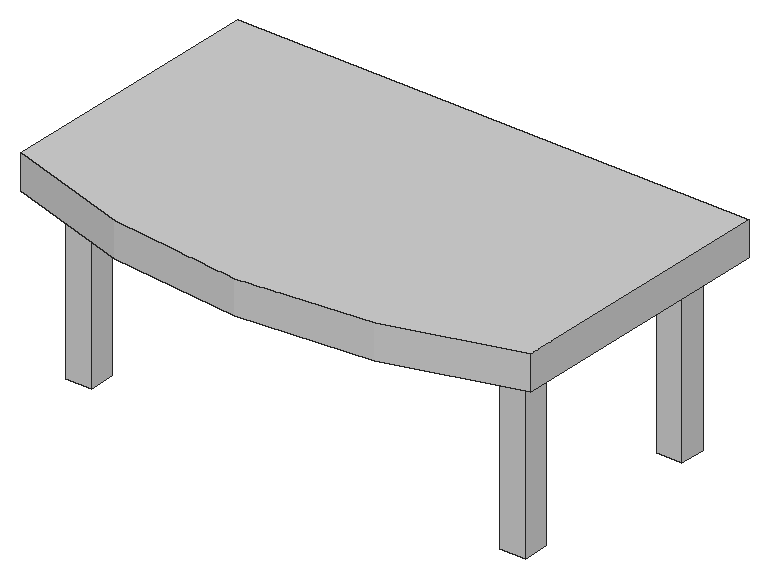
Revit family "DT23", category Specialty Equipment, Revit 2012
Parameters (values of type "Small Display Table (Default)")
  URL = "http://madixinc.com/display/freestanding.html"
  Model = "Display Table"
  Manufacturer = "© 2012 Madix, Inc. All rights reserved."
Reference planes (in)
  plane 1 "Center (Front/Back)": y = 0
  plane 2: z = 0
  plane 3 "Center (Left/Right)": x = 0
  plane 4: z = 12
  plane 5: z = 10
  plane 6: y = 8
  plane 7: y = -8
  plane 8: y = -11
  plane 9: x = -15
  plane 10: x = 15
  plane 11: x = -13.5
  plane 12: x = -12
Forms (in)
  Extrusion 1, solid, material "Metal - Steel"
    sketch origin (0, 0, 0) x (0, 1, 0) y (0, 0, 1)
      loop
        line (6.5, 0) -> (6.5, 10) -> (5, 10) -> (5, 0) -> (6.5, 0)
      loop
        line (-6.5, 0) -> (-5, 0) -> (-5, 10) -> (-6.5, 10) -> (-6.5, 0)
    from -13.5 to -12
  Extrusion 2, solid, material "Metal - Steel"
    sketch origin (0, 0, 0) x (0, 1, 0) y (0, 0, -1)
      loop
        line (6.5, 0) -> (5, 0) -> (5, -10) -> (6.5, -10) -> (6.5, 0)
      loop
        line (-6.5, 0) -> (-6.5, -10) -> (-5, -10) -> (-5, 0) -> (-6.5, 0)
    from -13.5 to -12
  Extrusion 3, solid, material "Metal - Steel"
    sketch origin (0, 0, 0) x (1, 0, 0) y (0, 1, 0)
      loop
        line (-15, 8) -> (-15, -8)
        arc (-15, -8) -> (0, -11) -> (15, -8) r 39
        line (15, -8) -> (15, 8) -> (-15, 8)
    from 10 to 12
Dimensions and locks (in)
  aligned and locked: level to plane 2
